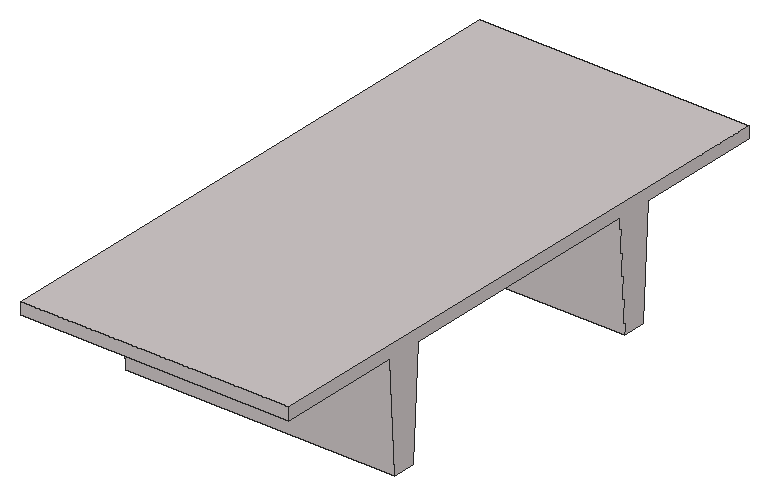
Revit family
Parameters (values of type "1200 x 500mm")
  시작 확장 계산 [instance] = 3012.5 mm + 시작 확장  # 3000 mm
  시작 확장 [instance] = -12.5 mm
  끝 확장 계산 [instance] = 3012.5 mm + 끝 확장  # 3000 mm
  끝 확장 [instance] = -12.5 mm
  보 재료 [instance] = 콘크리트 - 프리캐스트 콘크리트 - 35MPa
  Assembly Code = ""
  깊이 = 500 mm
  Length [instance] = 1524 mm
  슬래브 깊이 = 51 mm
  스템 폭 = 95 mm
  T자형 폭 = 1200 mm
  폭 = 2400 mm
Types (3, lengths in mm): name | 깊이
  (no name) | 500
  1200 x 450mm | 450
  1200 x 500mm | 500
Reference planes
  plane 1 "중심(앞/뒤)": y = 0
  plane 2: z = 0
  plane 3 "중심(왼쪽/오른쪽)": x = 4.61
  plane 4 "왼쪽 부재": x = -557.39
  plane 5 "오른쪽 부재": x = 566.61
  plane 6: y = 1200
  plane 7: y = -1200
  plane 8: z = 250
  plane 9 "하단": z = -250
  plane 10 "왼쪽": x = -757.39
  plane 11 "오른쪽": x = 766.61
  plane 12: x = -557.39
  plane 13: x = 566.61
  plane 14: x = 2442.61
  plane 15: x = -2433.39
Forms (mm)
  Sweep 1, solid, material "콘크리트 - 프리캐스트 콘크리트 - 35MPa" <- "보 재료"
    path origin (0, 0, 0) x (1, 0, 0) y (0, 1, 0)
      loop
        line (566.61, 0) -> (-557.39, 0)
    profile "M_이중 T자형-프로파일 : M_이중 T자형-프로파일" origin (4.61, 0, 0) x (0, -1, 0) y (0, 0, 1)
      loop
        line (-1200, 199) -> (-672.9, 199) -> (-647.5, -250) -> (-552.5, -250) -> (-527.1, 199) -> (527.1, 199) -> (552.5, -250) -> (647.5, -250) -> (672.9, 199) -> (1200, 199) -> (1200, 250) -> (-1200, 250) -> (-1200, 199)
Lines and regions (mm)
  symbolic lines, style "숨겨진 면", detail levels medium+fine
    curve 1: line (-557.39, 647.5, -250) -> (566.61, 647.5, -250)
    curve 2: line (-557.39, 552.25, -250) -> (566.61, 552.25, -250)
    curve 3: line (-557.39, -647.5, -250) -> (566.61, -647.5, -250)
    curve 4: line (-557.39, -552.5, -250) -> (566.61, -552.5, -250)
Dimensions and locks
  "폭": plane 6 to plane 7
  equal spacing: plane 9 "하단", plane 2, plane 8
  equal spacing: plane 6, plane 1 "중심(앞/뒤)", plane 7
  "깊이": plane 9 "하단" to plane 8
  "Length": plane 10 "왼쪽" to plane 11 "오른쪽"
  locked: plane 4 "왼쪽 부재" to plane 14 at 3000
  locked: plane 15 to plane 5 "오른쪽 부재" at 3000
  "끝 확장 계산": plane 15 to plane 13
  "시작 확장 계산": plane 12 to plane 14
  aligned and locked: plane 1 "중심(앞/뒤)" to Sweep 1 sketch curve
  aligned and locked: plane 12 to Sweep 1 sketch curve
  aligned and locked: plane 13 to Sweep 1 sketch curve
  aligned and locked: plane 12 to curve 1
  aligned and locked: plane 12 to curve 2
  aligned and locked: plane 12 to curve 4
  aligned and locked: plane 12 to curve 3
  aligned and locked: plane 13 to curve 3
  aligned and locked: plane 13 to curve 4
  aligned and locked: plane 13 to curve 1
  aligned and locked: plane 13 to curve 2
Automatic sketch dimensions
  curve 2 to curve 1 = 95.25 mm
  plane 7 to curve 3 = 552.5 mm
  curve 3 to curve 4 = 95 mm
  curve 2 to plane 1 "중심(앞/뒤)" = 552.25 mm
